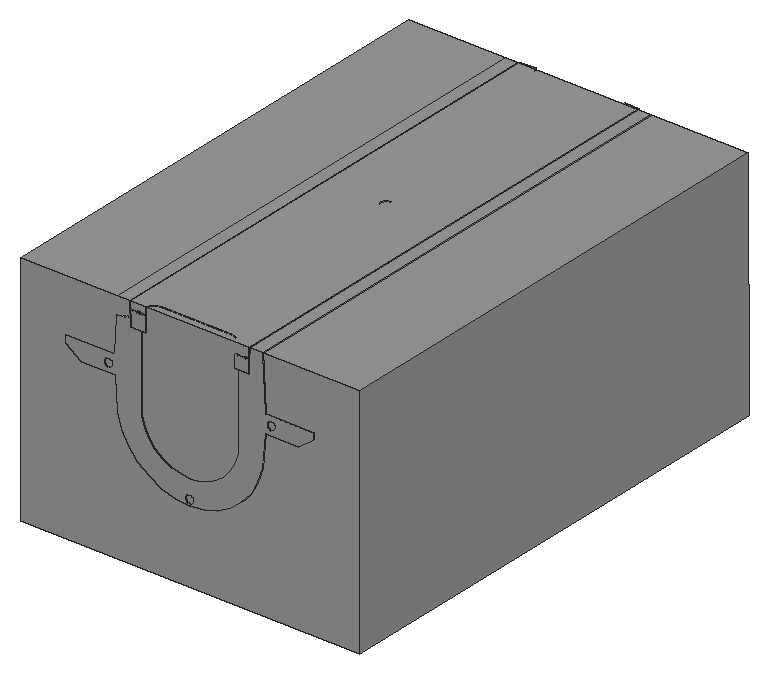
Revit family "T1320FL -Trench Drain", category Plumbing Fixtures, host Face, Revit 2013
Parameters (values of type "T1320-FL")
  Wide Body = 0' - 6"
  WFU = 0
  URL = "www.mifab.com"
  Model = "T1320-FL"
  Manufacturer = "Mifab"
  HWFU = 0
  Grate Material = Ductile Iron
  Flow [instance] = 10 GPM
  Description = "6” Wide, Neutral Sloped, Cast Iron Body and Grate System"
  Default Elevation = 0' - 0"
  CWFU = 0
  Body Material = Cast Iron
Reference planes (in)
  plane 1 "Center (Front/Back)": y = 0
  plane 2: z = 0
  plane 3 "Center (Left/Right)": x = 0
Forms (in)
  Extrusion 1, solid, material "Concrete"
    sketch origin (0, 0, 0) x (1, 0, 0) y (0, 0, 1)
      loop
        line (-7, 0) -> (-7, -9.69922) -> (7, -9.69922) -> (7, 0) -> (-7, 0)
    from 20.08494 to 0.08494
  Extrusion 2, solid, material "Cast Iron" <- "Body Material"
    sketch origin (0, -20, 0) x (1, 0, 0) y (0, 0, -1)
      loop
        line (-2.5, 0) -> (-2.4328, 0.96094) -> (-2, 0.96094) -> (-2, 4.06786)
        arc (-2, 4.06786) -> (0, 5.69922) -> (2, 4.06786) r 2.04165
        line (2, 4.06786) -> (2, 0.96094) -> (2.4328, 0.96094) -> (2.5, 0) -> (3, 0) -> (3.11526, 2.19922) -> (5.11526, 2.19922) -> (5.11526, 2.46457) -> (4.47211, 2.94922) -> (3.11526, 2.94922) -> (2.9796, 4.26883)
        arc (2.9796, 4.26883) -> (0, 6.69922) -> (-2.9796, 4.26883) r 3.04165
        line (-2.9796, 4.26883) -> (-3.04876, 2.94922) -> (-4.47211, 2.94922) -> (-5.11526, 2.46457) -> (-5.11526, 2.19922) -> (-3.11526, 2.19922) -> (-3, 0) -> (-2.5, 0)
    from -0.08494 to 0.03601
  Extrusion 3, void
    sketch origin (0, 0, 0) x (1, 0, 0) y (0, 0, 1)
      loop
        circle (-3.34526, -2.5873) r 0.17
      loop
        circle (3.36526, -2.57422) r 0.17
      loop
        circle (0, -6.47059) r 0.17
    from 0 to 0.55082
  Extrusion 4, void
    sketch origin (0, -19.98474, 0) x (1, 0, 0) y (0, 0, -1)
      loop
        circle (-3.34526, 2.5873) r 0.17
      loop
        circle (3.36526, 2.57422) r 0.17
      loop
        circle (0, 6.46739) r 0.17
    from -0.09446 to 0.45825
  Extrusion 5, solid, material "Cast Iron" <- "Body Material"
    sketch origin (0, 0, 0) x (1, 0, 0) y (0, 0, 1)
      loop
        line (-3, 0) -> (-3.11526, -2.19922) -> (-5.11526, -2.19922) -> (-5.11526, -2.3152) -> (-2, -2.3152) -> (-2, -0.96094) -> (-2.4328, -0.96094) -> (-2.5, 0) -> (-3, 0)
      loop
        line (3, 0) -> (2.5, 0) -> (2.4328, -0.96094) -> (2, -0.96094) -> (2, -2.3152) -> (5.11526, -2.3152) -> (5.11526, -2.19922) -> (3.11526, -2.19922) -> (3, 0)
    from 0.20588 to 19.96399
  Extrusion 6, void
    sketch origin (0, 0, 0) x (1, 0, 0) y (0, 1, 0)
      loop
        circle (-4.13741, -10) r 0.17
      loop
        circle (-4.13741, -2.50763) r 0.17
      loop
        circle (-4.13741, -17.47711) r 0.17
      loop
        circle (4.13741, -10) r 0.17
      loop
        circle (4.13741, -2.50763) r 0.17
      loop
        circle (4.13741, -17.47711) r 0.17
    from -2.19922 to -2.3152
  Extrusion 7, solid, material "Cast Iron" <- "Body Material"
    sketch origin (0, 0, 0) x (1, 0, 0) y (0, 1, 0)
      loop
        circle (2, -5) r 0.34292
      loop
        circle (2, -15) r 0.34292
      loop
        circle (-2, -5) r 0.34292
      loop
        circle (-2, -15) r 0.34292
    from -0.96094 to -6.42403
  Extrusion 8, solid, material "Cast Iron" <- "Body Material"
    sketch origin (0, 0, 0) x (1, 0, 0) y (0, 0, 1)
      loop
        line (-2, -2.3152) -> (-2.11453, -2.3152) -> (-2.11453, -4.0729)
        arc (-2.11453, -4.0729) -> (0, -5.8125) -> (2.11453, -4.0729) r 2.15493
        line (2.11453, -4.0729) -> (2.11453, -2.3152) -> (2, -2.3152) -> (2, -4.06786)
        arc (2, -4.06786) -> (0, -5.69922) -> (-2, -4.06786) r 2.04165
        line (-2, -4.06786) -> (-2, -2.3152)
    from 0.20588 to 19.96399
  Extrusion 9, void
    sketch origin (0, 0, 0) x (0, 1, 0) y (0, 0, 1)
      loop
        circle (-14, -1.94922) r 0.1
      loop
        circle (-6, -1.94922) r 0.1
    from -8.94649 to 12
  Extrusion 10, void
    sketch origin (0, 0, 0) x (1, 0, 0) y (0, 1, 0)
      loop
        line (2, -5.80078) -> (2, -6.19922) -> (2.34138, -6.19922) -> (2.34138, -5.80078) -> (2, -5.80078)
      loop
        line (-2, -5.80078) -> (-2.34138, -5.80078) -> (-2.34138, -6.19922) -> (-2, -6.19922) -> (-2, -5.80078)
      loop
        line (2, -14.19922) -> (2.34138, -14.19922) -> (2.34138, -13.80078) -> (2, -13.80078) -> (2, -14.19922)
      loop
        line (-2, -14.19922) -> (-2, -13.80078) -> (-2.34138, -13.80078) -> (-2.34138, -14.19922) -> (-2, -14.19922)
    from -1.21182 to -0.96094
  Extrusion 11, solid, material "Cast Iron"
    sketch origin (0, 0, 0) x (1, 0, 0) y (0, 1, 0)
      loop
        circle (0, -9.99237) r 1.75
    from -7.0701 to -4.9037
  Extrusion 12, void
    sketch origin (0, 0, 0) x (1, 0, 0) y (0, 0, 1)
      loop
        line (0, -4.5) -> (-1.75054, -4.5) -> (-1.75054, -4.70825)
        arc (-1.75054, -4.70825) -> (0, -5.69922) -> (1.75054, -4.70825) r 2.04165
        line (1.75054, -4.70825) -> (1.75054, -4.5) -> (0, -4.5)
    from 7.87612 to 12
  Extrusion 13, solid
    sketch origin (0, 0, 0) x (1, 0, 0) y (0, 1, 0)
      loop
        circle (0, -9.99237) r 1.25
    from -7.0701 to -8.02374
  Extrusion 14, solid, material "Cast Iron"
    sketch origin (0, 0, 0) x (1, 0, 0) y (0, 1, 0)
      loop
        line (2, -10.30078) -> (2, -9.69922) -> (1.66029, -9.69922) -> (1.66029, -10.30078) -> (2, -10.30078)
      loop
        line (-2, -10.30078) -> (-1.66029, -10.30078) -> (-1.66029, -9.69922) -> (-2, -9.69922) -> (-2, -10.30078)
    from -2.94922 to -3.25
  Extrusion 15, solid, material "Cast Iron"
    sketch origin (0, 0, 0) x (1, 0, 0) y (0, 1, 0)
      loop
        line (-2, -9.77752) -> (-2, -10.20721) -> (2, -10.20721) -> (2, -9.77752) -> (-2, -9.77752)
    from -3.43739 to -2.94922
  Extrusion 16, void
    sketch origin (0, 0.01028, 0) x (1, 0, 0) y (0, 1, 0)
      loop
        circle (0, -10.00265) r 0.17
    from 0.1583 to -4.23517
  Extrusion 17, void
    sketch origin (0, 0, 0) x (1, 0, 0) y (0, 1, 0)
      loop
        circle (0, -9.99264) r 0.21511
    from 0 to -0.22885
  Extrusion 18, solid, material "Ductile Iron" <- "Grate Material"
    sketch origin (0, 0, 0) x (1, 0, 0) y (0, 1, 0)
      loop
        line (-2.4328, -20.08494) -> (-1.83639, -20.08494)
        arc (-1.83639, -20.08494) -> (-1.6727, -19.85956) -> (-1.40779, -19.77346) r 0.45062
        line (-1.40779, -19.77346) -> (1.40779, -19.77346)
        arc (1.40779, -19.77346) -> (1.6727, -19.85956) -> (1.83639, -20.08494) r 0.45062
        line (1.83639, -20.08494) -> (2.4328, -20.08494) -> (2.4328, 0) -> (1.83639, 0)
        arc (1.83639, 0) -> (1.6727, -0.22538) -> (1.40779, -0.31147) r 0.45062
        line (1.40779, -0.31147) -> (-1.40779, -0.31147)
        arc (-1.40779, -0.31147) -> (-1.6727, -0.22538) -> (-1.83639, 0) r 0.45062
        line (-1.83639, 0) -> (-2.4328, 0) -> (-2.4328, -20.08494)
    from 0 to -0.96094
  Extrusion 19, solid, material "Cast Iron" <- "Body Material"
    sketch origin (0, -0.16987, 0) x (1, 0, 0) y (0, 0, 1)
      loop
        line (-2.5, 0) -> (-3, 0) -> (-3.11526, -2.19922) -> (-5.11526, -2.19922) -> (-5.11526, -2.46457) -> (-4.47211, -2.94922) -> (-3.04876, -2.94922) -> (-2.9796, -4.26883)
        arc (-2.9796, -4.26883) -> (0, -6.69922) -> (2.9796, -4.26883) r 3.04165
        line (2.9796, -4.26883) -> (3.11526, -2.94922) -> (4.47211, -2.94922) -> (5.11526, -2.46457) -> (5.11526, -2.19922) -> (3.11526, -2.19922) -> (3, 0) -> (2.5, 0) -> (2.4328, -0.96094) -> (2, -0.96094) -> (2, -4.06786)
        arc (2, -4.06786) -> (0, -5.69922) -> (-2, -4.06786) r 2.04165
        line (-2, -4.06786) -> (-2, -0.96094) -> (-2.4328, -0.96094) -> (-2.5, 0)
    from -0.08494 to 0.03601
Cuts and joins
  Extrusion 4 cuts Extrusion 2
  Extrusion 6, Extrusion 9, Extrusion 10 cuts Extrusion 5
  joined: Extrusion 2, Extrusion 5, Extrusion 7, Extrusion 8, Extrusion 19
  Extrusion 12 cuts Extrusion 11
  Extrusion 16 cuts Extrusion 15
  Extrusion 16, Extrusion 17 cuts Extrusion 18
Dimensions and locks (in)
  locked: Extrusion 1 to Extrusion 1 at 20
  locked: Extrusion 7 to Extrusion 7 at 5.46309
  locked: Extrusion 1 to Extrusion 7 at 6.42403
  locked: Extrusion 1 to cut or joined group of Extrusion 11, Extrusion 12 at 7.0701
  locked: host face to Extrusion 13 at 8.02374
  host face to Extrusion 17 = 0' - 0.22885"
  aligned and locked: plane 2 to host face
  aligned and locked: level to host face
  aligned and locked: Extrusion 5 to Extrusion 6
  aligned and locked: level to Extrusion 18
  aligned and locked: level to Extrusion 17
Connectors (in)
  piping at (0, -9.99237, -8.02374)
    settings: on Extrusion 13, index 1, connector radius 1 1/4", flow factor 0, pipe flow 0 GPM, pressure drop 0.00 psi, fitting loss kfactor 0, connector angle 0.00°, fixture units 0, engagement length 0' - 0", flow configuration 0, flow direction 0, fitting loss method 0, system type 7, joint type 0, gender type 0, connector reference index -1, connector utility 0, adjustable connector no, is connector primary yes, fitting loss table "", connector description ""
